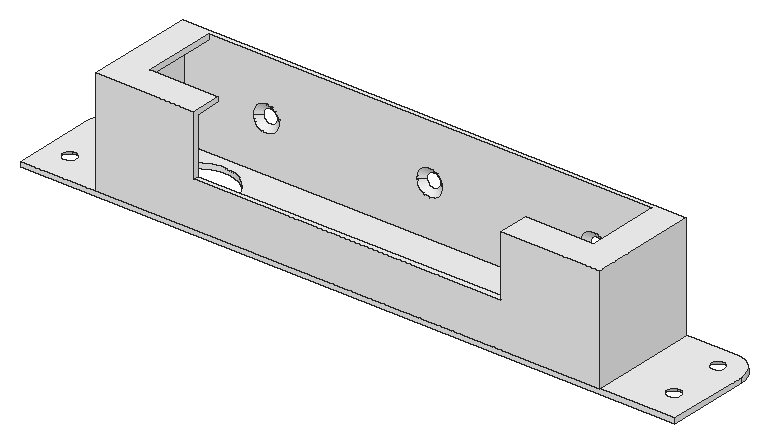
Revit family "KingswayGroup_ElctrcStrksAndFcplts_SecureElectricStrikeHousing", category Specialty Equipment, Revit 2020
Family settings
  Round Connector Dimension = Use Diameter
  Part Type = Normal
  Work Plane-Based = No
  Always vertical = No
  Cut with Voids When Loaded = No
  Shared = No
  Room Calculation Point = No
Parameters
  URL = "https://kingswaygroupglobal.com/"
  PlateWidth [instance] = if(DoorThickness44mm, 43 mm, 48 mm)  # 43 mm
  THRU [instance] = if(PlateWidth = 43 mm, 15 mm, if(PlateWidth = 48 mm, 17.5 mm, 0 mm))  # 15 mm
  PlateMaterial = NBS_Concept
  WarrantyStartDate [instance] = "1900-12-31T23:59:59"
  WarrantyGuarantorParts = "sales@kingswaygroup.co.uk"
  WarrantyGuarantorLabor = "n/a"
  WarrantyDurationUnit = "year"
  WarrantyDurationParts = "5"
  WarrantyDurationLabor = "n/a"
  WarrantyDescription = "5-Year Guarantee *For faulty manufacture and not for damage"
  Version = "1"
  Uniclass2015Version = "Products v1.36"
  Uniclass2015Title = "Electric strikes and faceplates"
  Uniclass2015Code = "Pr_75_30_27_26"
  TagNumber [instance] = "n/a"
  SustainabilityPerformance = "n/a"
  Size = "43/48 x 260 x 44 mm"
  Shape = "n/a"
  SerialNumber [instance] = "n/a"
  Revision = "n/a"
  ReplacementCost = "n/a"
  ProductInformation = "https://kingswaygroupglobal.com/product/secure-electric-strike-housing?noredirect=true"
  NominalWidth [instance] = 44 mm  # constant formula
  NominalLength [instance] = PlateWidth  # 43 mm
  NominalHeight [instance] = 260 mm  # constant formula
  Name = "ElectricStrikesAndFaceplates_SecureElectricStrikeHousing_KG245_KingswayGroup"
  ModelReference = "Secure Electric Strike Housing"
  ModelNumber = "KG245"
  Model = ModelNumber  # "KG245"
  Material = "For full range of available material, contact Kingsway Group"
  ManufacturerURL = "https://kingswaygroupglobal.com/"
  ManufacturerName = "Kingsway Group"  # constant formula
  Manufacturer = ManufacturerName  # "Kingsway Group"
  InstallationDate [instance] = "1900-12-31T23:59:59"
  IfcExportType = "USERDEFINED"  # constant formula
  IfcExportAs = "IfcDiscreteAccessoryType"  # constant formula
  Grade = "n/a"
  Finish = "For full range of available finishes and colours, contact Kingsway Group"
  Features = "A high-strength housing for the KG240 High Secure Electric Strike Release for greater durability and easier maintenance."
  ExpectedLife = "n/a"
  DurationUnit = "year"
  DoorThickness54mm [instance] = not(DoorThickness44mm)  # no
  DoorThickness44mm [instance] = yes
  DoorThickness [instance] = if(DoorThickness44mm, 44 mm, 54 mm)  # 44 mm
  Description = "High Secure Electric Strike Housing"
  Default Elevation = 0 mm
  Constituents = "n/a"
  Color = "For full range of available finishes and colours, contact Kingsway Group"
  CodePerformance = "n/a"
  Category = "Pr_75_30_27_26:Electric strikes and faceplates"
  BarCode [instance] = "n/a"
  BIMObjectName = "KingswayGroup_ElectricStrikesAndFaceplates_SecureElectricStrikeHousing"
  Author = "Kingsway Group"  # constant formula
  AssetType = "Fixed"
  AssetIdentifier [instance] = "n/a"
  AccessibilityPerformance = "n/a"
Reference planes
  plane 1 "Center (Front/Back)": y = 0
  plane 2: z = 0
  plane 3 "Center (Left/Right)": x = 0
  plane 4: z = 44
  plane 5 "2": y = 43
  plane 6 "1": y = 34
  plane 7: y = 12
  plane 8: x = 10
  plane 9: x = 250
  plane 10 "4": y = 21.5
  plane 11: x = 52
  plane 12: x = 208
Forms (mm)
  Extrusion 1, solid, material "NBS_Concept" <- "PlateMaterial"
    sketch origin (0, 0, 0) x (1, 0, 0) y (0, 1, 0)
      loop
        arc (10, 43) -> (2.929, 40.071) -> (0, 33) r 10
        line (0, 33) -> (0, 0) -> (260, 0) -> (260, 33)
        arc (260, 33) -> (257.071, 40.071) -> (250, 43) r 10
        line (250, 43) -> (10, 43)
    from 0 to 2
  Blend 2, void
    base sketch origin (0, -22, 0) x (1, 0, 0) y (0, 1, 0)
      loop
        circle (10, 34) r 5.2
    top sketch origin (0, -22, 0) x (1, 0, 0) y (0, 1, 0)
      loop
        circle (10, 34) r 2.829
    from 0 to 2
  Blend 3, void
    base sketch origin (240, -22, 0) x (1, 0, 0) y (0, 1, 0)
      loop
        circle (10, 34) r 5.2
    top sketch origin (240, -22, 0) x (1, 0, 0) y (0, 1, 0)
      loop
        circle (10, 34) r 2.829
    from 0 to 2
  Extrusion 4, void
    sketch origin (0, 0, 0) x (1, 0, 0) y (0, 0, 1)
      loop
        line (32, 42) -> (32, 2) -> (228, 2) -> (228, 42) -> (32, 42)
    from -2 to -41
  Revolve 5, void
    sketch origin (0, 34, 0) x (-1, 0, 0) y (0, 0, 1)
      loop
        line (-7.2, 2) -> (-10, 2) -> (-10, 0) -> (-4.8, 0) -> (-7.2, 2)
      axis (-10, 2) -> (-10, 0)
    angle from 0 to 360
  Revolve 6, void
    sketch origin (240, 34, 0) x (-1, 0, 0) y (0, 0, 1)
      loop
        line (-7.2, 2) -> (-10, 2) -> (-10, 0) -> (-4.8, 0) -> (-7.2, 2)
      axis (-10, 2) -> (-10, 0)
    angle from 0 to 360
  Extrusion 7, solid, material "NBS_Concept" <- "PlateMaterial"
    sketch origin (0, 0, 0) x (1, 0, 0) y (0, 0, 1)
      loop
        line (30, 44) -> (30, 2) -> (230, 2) -> (230, 44) -> (30, 44)
    from 0 to -43
  Extrusion 8, void
    sketch origin (-183.035, -1524, 44) x (-1, 0, 0) y (0, -1, 0)
      loop
        line (-225.035, -1565) -> (-225.035, -1536) -> (-401.035, -1536) -> (-401.035, -1565) -> (-225.035, -1565)
    from 0 to -2
  Extrusion 9, void
    sketch origin (-183.035, -1524, 44) x (0, -1, 0) y (-1, 0, 0)
      loop
        line (-1536, -252.035) -> (-1536, -374.035) -> (-1524, -374.035) -> (-1524, -252.035) -> (-1536, -252.035)
    from 0 to 24
  Blend 10, void
    base sketch origin (-8.761, 43, 1200) x (-1, 0, 0) y (0, 0, 1)
      loop
        circle (-73.761, -1178) r 2.8
    top sketch origin (-8.761, 43, 1200) x (-1, 0, 0) y (0, 0, 1)
      loop
        circle (-73.761, -1178) r 5.2
    from 0 to -2
  Blend 11, void
    base sketch origin (56.239, 43, 1200) x (-1, 0, 0) y (0, 0, 1)
      loop
        circle (-73.761, -1178) r 2.8
    top sketch origin (56.239, 43, 1200) x (-1, 0, 0) y (0, 0, 1)
      loop
        circle (-73.761, -1178) r 5.2
    from 0 to -2
  Blend 12, void
    base sketch origin (121.239, 43, 1200) x (-1, 0, 0) y (0, 0, 1)
      loop
        circle (-73.761, -1178) r 2.8
    top sketch origin (121.239, 43, 1200) x (-1, 0, 0) y (0, 0, 1)
      loop
        circle (-73.761, -1178) r 5.2
    from 0 to -2
  Revolve 13, void
    sketch origin (-8.761, 21.5, 1200) x (-1, 0, 0) y (0, 0, 1)
      loop
        line (-60.761, -1198) -> (-60.761, -1200) -> (-45.761, -1200) -> (-45.761, -1198) -> (-60.761, -1198)
      axis (-60.761, -1198) -> (-60.761, -1200)
    angle from 0 to 360
  Revolve 14, void
    sketch origin (147.239, 21.5, 1200) x (-1, 0, 0) y (0, 0, 1)
      loop
        line (-60.761, -1198) -> (-60.761, -1200) -> (-45.761, -1200) -> (-45.761, -1198) -> (-60.761, -1198)
      axis (-60.761, -1198) -> (-60.761, -1200)
    angle from 0 to 360
Cuts and joins
  Blend 2, Blend 3, Revolve 5, Revolve 6, Extrusion 9, Revolve 13, Revolve 14 cuts Extrusion 1
  Extrusion 4, Extrusion 8, Extrusion 9, Blend 10, Blend 11, Blend 12 cuts Extrusion 7
Dimensions and locks
  "PlateWidth": plane 5 "2" to plane 1 "Center (Front/Back)"
  locked: plane 5 "2" to plane 6 "1" at 9
  locked: plane 1 "Center (Front/Back)" to plane 7 at 12
  plane 4 to level = 44 mm
  plane 3 "Center (Left/Right)" to Extrusion 7 to Extrusion 7 to cut or joined group of Extrusion 1, Blend 2, Blend 3, Revolve 5, Revolve 6, Extrusion 9, Revolve 13, Revolve 14 = 30 mm, 200 mm, 30 mm
  locked: plane 5 "2" to Extrusion 4 at 2
  locked: Extrusion 8 sketch curve to plane 5 "2" at 2
  equal spacing: plane 5 "2", plane 10 "4", plane 1 "Center (Front/Back)"
  "THRU": Revolve 13 sketch curve to Revolve 13 sketch curve
  "THRU": Revolve 14 sketch curve to Revolve 14 sketch curve
  diameter of cut or joined group of Extrusion 1, Blend 2, Blend 3, Revolve 5, Revolve 6, Extrusion 9, Revolve 13, Revolve 14 = 30 mm  (x2)
  aligned and locked: level to plane 2
  aligned and locked: plane 5 "2" to Extrusion 1
  aligned and locked: plane 1 "Center (Front/Back)" to Extrusion 7
  aligned and locked: plane 5 "2" to Extrusion 7
  aligned and locked: Extrusion 8 to plane 7
  aligned and locked: Blend 10 to cut or joined group of Extrusion 4, Extrusion 7, Extrusion 8, Extrusion 9, Blend 10, Blend 11, Blend 12
Automatic sketch dimensions
  Extrusion 1 sketch curve to plane 3 "Center (Left/Right)" = 0 mm
  Extrusion 1 sketch curve to plane 8 = 0 mm
  Extrusion 1 sketch curve to plane 5 "2" = 0 mm
  Extrusion 1 sketch curve to plane 9 = 0 mm
  plane 1 "Center (Front/Back)" to Extrusion 1 sketch curve = 0 mm
  plane 9 to Extrusion 1 sketch curve = 10 mm
  Blend 2 sketch curve to plane 7 = 0 mm  (x2)
  Blend 2 sketch curve to plane 8 = 0 mm  (x2)
  Blend 3 sketch curve to plane 7 = 0 mm  (x2)
  Blend 3 sketch curve to plane 9 = 0 mm  (x2)
  Extrusion 4 sketch curve to plane 4 = 2 mm
  Extrusion 4 sketch curve to plane 11 = 20 mm
  level to Extrusion 4 sketch curve = 2 mm
  plane 12 to Extrusion 4 sketch curve = 20 mm
  Revolve 5 sketch curve to plane 8 = 0 mm  (x2)
  Revolve 5 sketch curve to level = 0 mm
  Revolve 5 sketch curve to plane 8 = 2.8 mm
  Revolve 5 sketch curve to Revolve 5 sketch curve = 2.4 mm
  level to Revolve 5 sketch curve = 2 mm
  Revolve 5 sketch curve to level = 4.27 mm
  Revolve 5 sketch curve to Revolve 5 sketch curve = 5.929 mm
  Revolve 6 sketch curve to plane 9 = 0 mm  (x2)
  Revolve 6 sketch curve to level = 0 mm
  Revolve 6 sketch curve to plane 9 = 2.8 mm
  Revolve 6 sketch curve to Revolve 6 sketch curve = 2.4 mm
  level to Revolve 6 sketch curve = 2 mm
  Revolve 6 sketch curve to level = 4.27 mm
  Revolve 6 sketch curve to Revolve 6 sketch curve = 5.929 mm
  Extrusion 7 sketch curve to plane 4 = 0 mm
  level to Extrusion 7 sketch curve = 2 mm
  plane 8 to Extrusion 7 sketch curve = 20 mm
  Extrusion 7 sketch curve to plane 9 = 20 mm
  Extrusion 8 sketch curve to plane 7 = 0 mm
  plane 12 to Extrusion 8 sketch curve = 10 mm
  Extrusion 8 sketch curve to plane 11 = 10 mm
  Extrusion 9 sketch curve to plane 7 = 0 mm
  plane 1 "Center (Front/Back)" to Extrusion 9 sketch curve = 0 mm
  plane 11 to Extrusion 9 sketch curve = 17 mm
  Extrusion 9 sketch curve to plane 12 = 17 mm
  plane 11 to Blend 10 sketch curve = 13 mm  (x2)
  level to Blend 10 sketch curve = 22 mm  (x2)
  level to Blend 11 sketch curve = 22 mm  (x2)
  plane 11 to Blend 11 sketch curve = 78 mm  (x2)
  Blend 12 sketch curve to plane 12 = 13 mm  (x2)
  level to Blend 12 sketch curve = 22 mm  (x2)
  Revolve 13 sketch curve to plane 11 = 0 mm  (x2)
  Revolve 13 sketch curve to level = 0 mm
  level to Revolve 13 sketch curve = 2 mm
  Revolve 13 sketch curve to level = 304.8 mm
  plane 4 to Revolve 13 sketch curve = 2394.4 mm
  Revolve 14 sketch curve to plane 12 = 0 mm  (x2)
  Revolve 14 sketch curve to level = 0 mm
  level to Revolve 14 sketch curve = 2 mm
  Revolve 14 sketch curve to level = 304.8 mm
  plane 4 to Revolve 14 sketch curve = 2394.4 mm
  radius of Blend 2 sketch curve = 5.2 mm
  radius of Blend 2 sketch curve = 2.829 mm
  radius of Blend 3 sketch curve = 5.2 mm
  radius of Blend 3 sketch curve = 2.829 mm
  radius of Blend 10 sketch curve = 2.8 mm
  radius of Blend 10 sketch curve = 5.2 mm
  radius of Blend 11 sketch curve = 2.8 mm
  radius of Blend 11 sketch curve = 5.2 mm
  radius of Blend 12 sketch curve = 2.8 mm
  radius of Blend 12 sketch curve = 5.2 mm
